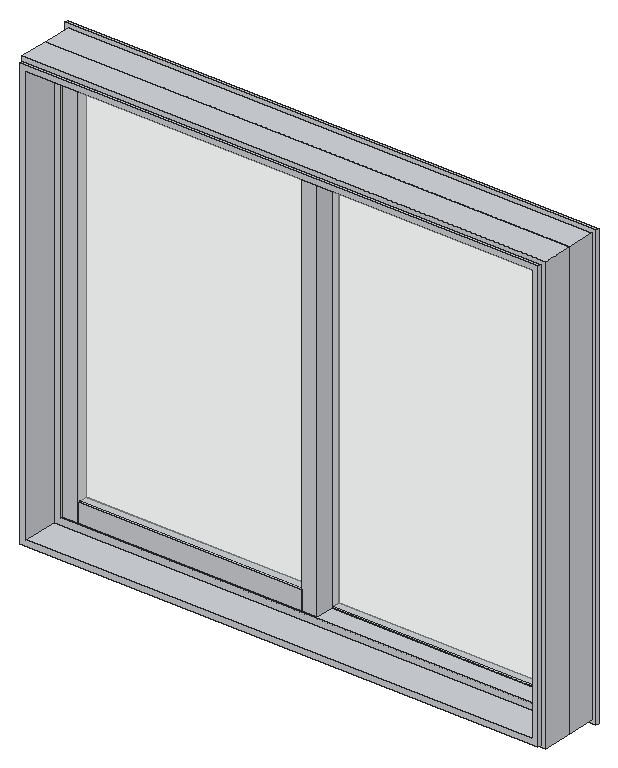
Revit family "APL Residential Thermal Heart Sliding Window SF", category Windows, host Wall, Revit 2017 (continued)
Definition of nested family "APL Residential Thermal Heart Sliding Window SF Vertical Section"
  Definition of nested family "Two Panel Head"
    Definition of nested family "65400_Frame Head"
      Lines and regions (mm)
        detail lines, in view "Ref. Level"
          curve 561: arc (8.867, 17.612, 0) -> (8.97, 17.796, 0) -> (9.14, 17.921, 0) r 0.5
          curve 562: arc (9.14, 17.921, 0) -> (10, 18.105, 0) -> (10.86, 17.921, 0) r 2.1
          curve 563: arc (10.86, 17.921, 0) -> (11.03, 17.796, 0) -> (11.133, 17.612, 0) r 0.5
          curve 564: arc (11.133, 17.612, 0) -> (11.206, 17.447, 0) -> (11.316, 17.305, 0) r 0.75
          curve 565: arc (11.316, 17.305, 0) -> (11.85, 16.005, 0) -> (11.316, 14.705, 0) r 1.85
          curve 566: arc (11.316, 14.705, 0) -> (11.323, 13.644, 0) -> (12.384, 13.651, 0) r 0.75
          curve 567: arc (12.384, 13.651, 0) -> (13.348, 15.881, 0) -> (12.551, 18.176, 0) r 3.35
          curve 568: arc (12.551, 18.176, 0) -> (12.478, 18.71, 0) -> (12.932, 19, 0) r 0.5
          curve 569: arc (13.15, 19, 0) -> (13.291, 19.059, 0) -> (13.35, 19.2, 0) r 0.2
          curve 570: arc (13.35, 19.5, 0) -> (13.204, 19.854, 0) -> (12.85, 20, 0) r 0.5
          curve 571: arc (7, 20, 0) -> (6.293, 19.707, 0) -> (6, 19, 0) r 1
          curve 572: arc (6, 6.243, 0) -> (5.772, 5.095, 0) -> (5.121, 4.121, 0) r 3
          curve 573: arc (0.879, -0.121, 0) -> (0.228, -1.095, 0) -> (0, -2.243, 0) r 3
          curve 574: arc (0, -23.8, 0) -> (0.059, -23.941, 0) -> (0.2, -24, 0) r 0.2
          curve 575: line (10.8, 2.7, 0) -> (10.8, -6.498, 0)
          curve 576: line (12.7, -8.4, 0) -> (13.1, -8.4, 0)
          curve 577: line (13.3, -8.6, 0) -> (13.3, -15.4, 0)
          curve 578: line (13.1, -15.6, 0) -> (11, -15.6, 0)
          curve 579: line (10.8, -15.8, 0) -> (10.8, -16.283, 0)
          curve 580: line (10.6, -16.483, 0) -> (1.9, -16.483, 0)
          curve 581: line (1.4, -15.983, 0) -> (1.4, -2.245, 0)
          curve 582: line (1.869, -1.111, 0) -> (6.387, 3.407, 0)
          curve 583: line (7.094, 3.7, 0) -> (9.8, 3.7, 0)
          curve 584: line (1.322, -22.936, 0) -> (1.379, -18.081, 0)
          curve 585: line (1.579, -17.883, 0) -> (10.6, -17.883, 0)
          curve 586: line (10.8, -18.083, 0) -> (10.8, -22.172, 0)
          curve 587: line (10.7, -22.345, 0) -> (9.6, -22.98, 0)
          curve 588: line (9.3, -23.5, 0) -> (9.3, -23.8, 0)
          curve 589: line (9.5, -24, 0) -> (13.617, -24, 0)
          curve 590: line (14.387, -24.268, 0) -> (15.797, -24.782, 0)
          curve 591: line (16.199, -24.474, 0) -> (15.992, -22.108, 0)
          curve 592: line (15.905, -21.922, 0) -> (15.541, -21.559, 0)
          curve 593: line (15.207, -21.648, 0) -> (15.162, -21.816, 0)
          curve 594: line (15.021, -21.957, 0) -> (12.888, -22.528, 0)
          curve 595: line (12.7, -21.753, 0) -> (12.7, -18.525, 0)
          curve 596: line (12.7, -18.5, 0) -> (12.506, -17.75, 0)
          curve 597: line (12.7, -17.5, 0) -> (13.221, -17.5, 0)
          curve 598: line (13.377, -17.544, 0) -> (14.631, -18.309, 0)
          curve 599: line (15.2, -18.45, 0) -> (15.2, -16.874, 0)
          curve 600: line (15.2, -16.874, 0) -> (15.2, -8.599, 0)
          curve 601: line (15.4, -8.4, 0) -> (16.479, -8.4, 0)
          curve 602: line (16.667, -8.132, 0) -> (15.775, -5.682, 0)
          curve 603: line (15.587, -5.55, 0) -> (15.353, -5.55, 0)
          curve 604: line (14.631, -5.691, 0) -> (13.377, -6.456, 0)
          curve 605: line (13.221, -6.5, 0) -> (12.7, -6.5, 0)
          curve 606: line (12.506, -6.25, 0) -> (12.7, -5.5, 0)
          curve 607: line (12.7, -5.475, 0) -> (12.7, -2.247, 0)
          curve 608: line (12.888, -1.472, 0) -> (15.021, -2.043, 0)
          curve 609: line (15.162, -2.184, 0) -> (15.207, -2.352, 0)
          curve 610: line (15.541, -2.441, 0) -> (15.905, -2.078, 0)
          curve 611: line (15.992, -1.892, 0) -> (16.199, 0.474, 0)
          curve 612: line (15.797, 0.782, 0) -> (14.387, 0.268, 0)
          curve 613: line (13.617, 0, 0) -> (12.6, 0, 0)
          curve 614: line (12.4, 0.2, 0) -> (12.4, 2.696, 0)
          curve 615: line (9.8, 5.3, 0) -> (7.9, 5.3, 0)
          curve 616: line (7.4, 5.8, 0) -> (7.4, 13.402, 0)
          curve 617: line (12.932, 19, 0) -> (13.15, 19, 0)
          curve 618: line (13.35, 19.2, 0) -> (13.35, 19.5, 0)
          curve 619: line (12.85, 20, 0) -> (7, 20, 0)
          curve 620: line (6, 19, 0) -> (6, 6.243, 0)
          curve 621: line (5.121, 4.121, 0) -> (0.879, -0.121, 0)
          curve 622: line (0, -2.243, 0) -> (0, -23.8, 0)
          curve 623: line (0.2, -24, 0) -> (1.214, -24, 0)
          curve 624: line (1.214, -24, 0) -> (1.665, -23.621, 0)
          curve 625: line (106.85, -41.439, 0) -> (112.6, -39.899, 0)
          curve 626: line (111.139, -40.29, 0) -> (106.85, -40.29, 0)
          curve 627: line (112.6, -39.45, 0) -> (106.85, -39.45, 0)
          curve 628: line (112.6, -38.61, 0) -> (106.85, -38.61, 0)
          curve 629: line (112.6, -37.69, 0) -> (106.85, -37.69, 0)
          curve 630: line (112.6, -36.85, 0) -> (106.85, -36.85, 0)
          curve 631: line (111.139, -36.01, 0) -> (106.85, -36.01, 0)
          curve 632: line (112.6, -36.401, 0) -> (106.85, -34.861, 0)
          curve 633: line (112.85, -41.6, 0) -> (112.85, -34.7, 0)
          curve 634: line (112.6, -34.7, 0) -> (112.6, -41.6, 0)
          curve 635: line (112.6, -41.6, 0) -> (113.1, -41.6, 0)
          curve 636: line (113.1, -41.6, 0) -> (113.1, -34.7, 0)
          curve 637: line (113.1, -34.7, 0) -> (112.6, -34.7, 0)
          curve 651: line (74.132, -41.648, 0) -> (68.382, -40.107, 0)
          curve 652: line (69.843, -40.498, 0) -> (74.132, -40.498, 0)
          curve 653: line (68.382, -39.658, 0) -> (74.132, -39.658, 0)
          curve 654: line (68.382, -38.818, 0) -> (74.132, -38.818, 0)
          curve 655: line (68.382, -37.898, 0) -> (74.132, -37.898, 0)
          curve 656: line (68.382, -37.058, 0) -> (74.132, -37.058, 0)
          curve 657: line (69.843, -36.218, 0) -> (74.132, -36.218, 0)
          curve 658: line (68.382, -36.61, 0) -> (74.132, -35.069, 0)
          curve 659: line (68.132, -41.808, 0) -> (68.132, -34.908, 0)
          curve 660: line (68.382, -34.908, 0) -> (68.382, -41.808, 0)
          curve 661: line (68.382, -41.808, 0) -> (67.882, -41.808, 0)
          curve 662: line (67.882, -41.808, 0) -> (67.882, -34.908, 0)
          curve 663: line (67.882, -34.908, 0) -> (68.382, -34.908, 0)
        detail lines, in view "Ref. Level", not visible
          curve 638: line (101.764, -41.439, 0) -> (107.514, -39.899, 0)
          curve 639: line (106.053, -40.29, 0) -> (101.764, -40.29, 0)
          curve 640: line (107.514, -39.45, 0) -> (101.764, -39.45, 0)
          curve 641: line (107.514, -38.61, 0) -> (101.764, -38.61, 0)
          curve 642: line (107.514, -37.69, 0) -> (101.764, -37.69, 0)
          curve 643: line (107.514, -36.85, 0) -> (101.764, -36.85, 0)
          curve 644: line (106.053, -36.01, 0) -> (101.764, -36.01, 0)
          curve 645: line (107.514, -36.401, 0) -> (101.764, -34.861, 0)
          curve 646: line (107.764, -41.6, 0) -> (107.764, -34.7, 0)
          curve 647: line (107.514, -34.7, 0) -> (107.514, -41.6, 0)
          curve 648: line (107.514, -41.6, 0) -> (108.014, -41.6, 0)
          curve 649: line (108.014, -41.6, 0) -> (108.014, -34.7, 0)
          curve 650: line (108.014, -34.7, 0) -> (107.514, -34.7, 0)
      Text (mm)
        text "65400" at (41.516, 17.579, 0), in view "Ref. Level"
Definition of nested family "APL Residential Thermal Heart Sliding Window SF Horizontal Section"
  Parameters (values of type "Groove")
    Liner End [instance] = 10 mm
    Liner Block = Liner : Liner
    Liner [instance] = 100 mm
    Groove [instance] = 10 mm
    Glass Length [instance] = (Box Width / 2) - 96 mm  # 154 mm
    Glass Fixed Length [instance] = (Box Width / 2) - 44 mm  # 206 mm
    Box Width [instance] = 500 mm
  Types (2, lengths in mm): name | Liner Block
    Groove | Liner : Liner
    No Groove | Liner No Groove : Liner No Groove
  Reference planes
    plane 1 "Center (Front/Back)": y = 39.446
    plane 2: z = 0
    plane 3 "Center (Left/Right)": x = -250.083
    plane 4: x = -500.083
    plane 5: x = -0.083
    plane 6: y = 150.946
    plane 7: y = 150.946
    plane 8: x = 7.417
    plane 9: y = 57.796
  Dimensions and locks
    equal spacing: plane 4, plane 3 "Center (Left/Right)", plane 5
    "Box Width": plane 4 to plane 5
    "Liner": plane 6 to nested 1
    "Liner": plane 7 to nested 2
    plane 8 to plane 5 = 7.5 mm
    nested 3 to plane 3 "Center (Left/Right)" to nested 3 = 26.59 mm locked, 25.41 mm locked
    locked: nested 7 to nested 3 at 6.324
    locked: nested 3 to nested 8 at 6
    locked: nested 9 to nested 5 at 6
    locked: nested 9 to plane 5 at 83.24
    nested 7 to plane 3 "Center (Left/Right)" to nested 8 = 13.915 mm locked, 12.408 mm locked
    locked: nested 4 to nested 6 at 6.351
    locked: nested 4 to nested 6 at 30.351
    locked: nested 1 to nested 4 at 22.397
    locked: nested 5 to nested 2 at 22.397
    locked: nested 4 to nested 4 at 43
    nested 5 to plane 9 = 5 mm
    aligned and locked: nested 2 to plane 7
    aligned and locked: plane 5 to nested 5
  Nested families
    nested 1: "Liner" at (-479.48, 150.946, 0) x (0, 1, 0) z (0, 0, 1), type <- "Liner Block", type "Liner", in view "Ref. Level", detail levels fine
      with built-in parameter 1001306 0.32808 (stored number, unit not read)
    nested 2: "Liner" at (-20.687, 150.946, 0) x (0, 1, 0) z (0, 0, 1), type <- "Liner Block", type "Liner", in view "Ref. Level", detail levels fine
      with built-in parameter 1001306 0.32808 (stored number, unit not read)
    nested 3: "Interlocker" at (-250.083, 109.946, 0), type "Interlocker", in view "Ref. Level", detail levels fine
    nested 4: "Jamb Fixed" at (-500.083, 39.446, 0), type "Jamb Fixed", in view "Ref. Level", detail levels fine
    nested 5: "Jamb Stile" at (-0.083, 39.446, 0), type "Jamb Stile", in view "Ref. Level", detail levels fine
    nested 6: "Glazing Bead" at (-469.732, 54.946, 0) x (0, 1, 0) z (0, 0, 1), Glass Lenght <- "Glass Fixed Length", type "Glazing Bead", in view "Ref. Level", detail levels fine
      with Glass Lenght 206 mm
    nested 7: "Glazing Bead" at (-263.998, 54.946, 0) x (0, 1, 0) z (0, 0, 1), Glass Lenght <- "Glass Fixed Length", type "Glazing Bead", in view "Ref. Level", detail levels fine
      with Glass Lenght 206 mm
    nested 8: "Glass" at (-237.676, 117.147, 0) x (0, 1, 0) z (0, 0, 1), Glass Lenght <- "Glass Length", type "Glass", in view "Ref. Level", detail levels fine
      with Glass Lenght 154 mm
    nested 9: "Glass" at (-83.323, 117.147, 0) x (0, 1, 0) z (0, 0, 1), Glass Lenght <- "Glass Length", type "Glass", in view "Ref. Level", detail levels fine
      with Glass Lenght 154 mm
  Definition of nested family "Liner"
    Parameters (values of type "Liner")
      Type Image = (empty or 0)
      built-in parameter 1001306 [instance] = 100 mm
      Groove [instance] = 10 mm
      End Liner [instance] = 10 mm
    Reference planes
      plane 1 "Center (Front/Back)": y = 0
      plane 2: z = 0
      plane 3 "Left": x = 0
      plane 4 "Right": x = 100
    Lines and regions (mm)
      Filled region 1, type "Brick", in view "Ref. Level"
        outline origin (0, 0, 0) x (1, 0, 0) y (0, 1, 0)
          loop
            line (0, 0) -> (120, 0) -> (120, 19) -> (110, 19) -> (110, 13.435) -> (100, 13.435) -> (100, 19) -> (0, 19) -> (0, 0)
      reference lines, in view "Ref. Level"
        curve 1: line (0, 0, 0) -> (100, 0, 0)
      detail lines, in view "Ref. Level", detail levels fine
        curve 2: line (100, 0, 0) -> (0, 0, 0)
    Dimensions and locks
      "built-in parameter 1001306": plane 3 "Left" to plane 4 "Right"
      locked: Filled region 1 to curve 2 at 19
      "Groove": plane 4 "Right" to Filled region 1
      "End Liner": Filled region 1 to Filled region 1
      aligned and locked: plane 1 "Center (Front/Back)" to curve 1
      aligned and locked: plane 3 "Left" to curve 1
      aligned and locked: plane 4 "Right" to curve 1
      aligned and locked: curve 1 to Filled region 1
      aligned and locked: plane 1 "Center (Front/Back)" to Filled region 1
      aligned and locked: Filled region 1 to plane 3 "Left"
    Automatic sketch dimensions
      curve 2 to plane 4 "Right" = 0 mm
      Filled region 1 sketch curve to plane 3 "Left" = 0 mm
      Filled region 1 sketch curve to plane 4 "Right" = 0 mm
      Filled region 1 sketch curve to Filled region 1 sketch curve = 10 mm  (x2)
      Filled region 1 sketch curve to plane 1 "Center (Front/Back)" = 0 mm
      Filled region 1 sketch curve to plane 1 "Center (Front/Back)" = 13.435 mm
      Filled region 1 sketch curve to Filled region 1 sketch curve = 5.565 mm  (x2)
      curve 2 to plane 3 "Left" = 0 mm
  Definition of nested family "Interlocker"
    Reference planes
      plane 1 "Center (Front/Back)": y = 0
      plane 2: z = 0
      plane 3 "Center (Left/Right)": x = 0
    Lines and regions (mm)
      detail lines, in view "Ref. Level"
        curve 1: arc (-27.946, -29.718, 0) -> (-28.086, -30.028, 0) -> (-27.787, -30.191, 0) r 0.25
        curve 2: arc (-17.899, -30.164, 0) -> (-17.6, -30.002, 0) -> (-17.74, -29.692, 0) r 0.25
        curve 3: line (-27.787, -30.191, 0) -> (-23.919, -29.197, 0)
        curve 4: line (-23.919, -29.197, 0) -> (-23.34, -30.2, 0)
        curve 5: line (-23.34, -30.2, 0) -> (-22.34, -30.2, 0)
        curve 6: line (-22.34, -30.2, 0) -> (-21.748, -29.175, 0)
        curve 7: line (-21.748, -29.175, 0) -> (-17.899, -30.164, 0)
        curve 8: line (-17.74, -29.692, 0) -> (-21.84, -27.968, 0)
        curve 9: line (-21.84, -27.968, 0) -> (-21.84, -26.7, 0)
        curve 10: line (-21.84, -26.7, 0) -> (-20.59, -26.7, 0)
        curve 11: line (-20.59, -26.7, 0) -> (-20.59, -25.7, 0)
        curve 12: line (-20.59, -25.7, 0) -> (-25.09, -25.7, 0)
        curve 13: line (-25.09, -25.7, 0) -> (-25.09, -26.7, 0)
        curve 14: line (-25.09, -26.7, 0) -> (-23.84, -26.7, 0)
        curve 15: line (-23.84, -26.7, 0) -> (-23.84, -27.992, 0)
        curve 16: line (-23.84, -27.992, 0) -> (-27.946, -29.718, 0)
      detail lines, in view "Ref. Level", not visible
        curve 17: arc (33.161, -9.933, 0) -> (32.851, -9.793, 0) -> (32.689, -10.092, 0) r 0.25
        curve 18: arc (32.715, -19.98, 0) -> (32.877, -20.279, 0) -> (33.188, -20.139, 0) r 0.25
        curve 19: line (32.689, -10.092, 0) -> (33.683, -13.959, 0)
        curve 20: line (33.683, -13.959, 0) -> (32.679, -14.539, 0)
        curve 21: line (32.679, -14.539, 0) -> (32.679, -15.539, 0)
        curve 22: line (32.679, -15.539, 0) -> (33.705, -16.131, 0)
        curve 23: line (33.705, -16.131, 0) -> (32.715, -19.98, 0)
        curve 24: line (33.188, -20.139, 0) -> (34.912, -16.039, 0)
        curve 25: line (34.912, -16.039, 0) -> (36.179, -16.039, 0)
        curve 26: line (36.179, -16.039, 0) -> (36.179, -17.289, 0)
        curve 27: line (36.179, -17.289, 0) -> (37.179, -17.289, 0)
        curve 28: line (37.179, -17.289, 0) -> (37.179, -12.789, 0)
        curve 29: line (37.179, -12.789, 0) -> (36.179, -12.789, 0)
        curve 30: line (36.179, -12.789, 0) -> (36.179, -14.039, 0)
        curve 31: line (36.179, -14.039, 0) -> (34.887, -14.039, 0)
        curve 32: line (34.887, -14.039, 0) -> (33.161, -9.933, 0)
    Nested families
      nested 1: "65500_Interlocker Stile" at (-26.59, -6.05, 0) x (-1, 0, 0) z (0, 0, 1), type "65500_Interlocker Stile", in view "Ref. Level"
      nested 2: "65420_Interlocker Mullion" at (25.41, -70.5, 0), type "65420_Interlocker Mullion", in view "Ref. Level"
    Definition of nested family "65500_Interlocker Stile"
      Reference planes
        plane 1 "Center (Front/Back)": y = 0
        plane 2: z = 0
        plane 3 "Center (Left/Right)": x = 0
      Lines and regions (mm)
        model lines, in view "Ref. Level"
          curve 1: arc (-13.564, 1.218, 0) -> (-13.278, 1.262, 0) -> (-13.162, 1.526, 0) r 0.3
          curve 2: arc (-13.369, 3.892, 0) -> (-13.396, 3.992, 0) -> (-13.456, 4.078, 0) r 0.3
          curve 3: arc (-13.819, 4.441, 0) -> (-14.013, 4.493, 0) -> (-14.154, 4.352, 0) r 0.2
          curve 4: arc (-14.199, 4.184, 0) -> (-14.251, 4.095, 0) -> (-14.34, 4.043, 0) r 0.2
          curve 5: arc (-16.561, 3.5, 0) -> (-16.841, 3.693, 0) -> (-16.761, 4.024, 0) r 0.3
          curve 6: arc (-16.761, 4.024, 0) -> (-16.687, 4.125, 0) -> (-16.661, 4.247, 0) r 0.3
          curve 7: arc (-16.855, 8.25, 0) -> (-16.819, 8.422, 0) -> (-16.661, 8.5, 0) r 0.2
          curve 8: arc (-16.14, 8.5, 0) -> (-16.059, 8.489, 0) -> (-15.983, 8.456, 0) r 0.3
          curve 9: arc (-14.73, 7.691, 0) -> (-14.733, 7.521, 0) -> (-14.627, 7.389, 0) r 0.25
          curve 10: arc (-14.541, 7.337, 0) -> (-14.289, 7.332, 0) -> (-14.161, 7.549, 0) r 0.25
          curve 11: arc (-14.161, 7.8, 0) -> (-14.102, 7.941, 0) -> (-13.961, 8, 0) r 0.2
          curve 12: arc (-13.688, 8, 0) -> (-13.573, 8.036, 0) -> (-13.5, 8.132, 0) r 0.2
          curve 13: arc (-13.266, 8.775, 0) -> (-13.244, 8.859, 0) -> (-13.236, 8.946, 0) r 0.5
          curve 14: arc (-13.236, 9.9, 0) -> (-13.382, 10.254, 0) -> (-13.736, 10.4, 0) r 0.5
          curve 15: arc (-24.052, 10.4, 0) -> (-24.41, 10.544, 0) -> (-24.559, 10.9, 0) r 0.5
          curve 16: arc (-24.559, 14.446, 0) -> (-24.704, 14.802, 0) -> (-25.059, 14.95, 0) r 0.5
          curve 17: arc (-27.408, 14.95, 0) -> (-27.627, 14.823, 0) -> (-27.622, 14.57, 0) r 0.25
          curve 18: arc (-27.57, 14.484, 0) -> (-27.437, 14.378, 0) -> (-27.268, 14.381, 0) r 0.25
          curve 19: arc (-26.503, 13.127, 0) -> (-26.47, 13.052, 0) -> (-26.459, 12.971, 0) r 0.3
          curve 20: arc (-26.459, 12.45, 0) -> (-26.536, 12.292, 0) -> (-26.709, 12.256, 0) r 0.2
          curve 21: arc (-30.711, 12.45, 0) -> (-30.834, 12.424, 0) -> (-30.935, 12.35, 0) r 0.3
          curve 22: arc (-30.935, 12.35, 0) -> (-31.266, 12.27, 0) -> (-31.459, 12.55, 0) r 0.3
          curve 23: arc (-30.916, 14.771, 0) -> (-30.864, 14.86, 0) -> (-30.774, 14.912, 0) r 0.2
          curve 24: arc (-30.607, 14.957, 0) -> (-30.465, 15.098, 0) -> (-30.517, 15.291, 0) r 0.2
          curve 25: arc (-30.881, 15.655, 0) -> (-30.966, 15.715, 0) -> (-31.067, 15.742, 0) r 0.3
          curve 26: arc (-33.432, 15.949, 0) -> (-33.697, 15.833, 0) -> (-33.741, 15.547, 0) r 0.3
          curve 27: arc (-33.227, 14.137, 0) -> (-33.14, 14.011, 0) -> (-33.002, 13.945, 0) r 0.3
          curve 28: arc (-33.002, 13.945, 0) -> (-32.759, 13.672, 0) -> (-32.959, 13.367, 0) r 0.3
          curve 29: arc (-32.959, 12.624, 0) -> (-33.017, 12.482, 0) -> (-33.159, 12.424, 0) r 0.2
          curve 30: arc (-35.159, 12.424, 0) -> (-35.512, 12.277, 0) -> (-35.659, 11.924, 0) r 0.5
          curve 31: arc (-35.659, 10.05, 0) -> (-35.717, 9.908, 0) -> (-35.859, 9.85, 0) r 0.2
          curve 32: arc (-45.581, 9.85, 0) -> (-45.935, 9.996, 0) -> (-46.081, 10.349, 0) r 0.499
          curve 33: arc (-46.081, 10.75, 0) -> (-45.935, 11.104, 0) -> (-45.581, 11.25, 0) r 0.5
          curve 34: arc (-44.831, 11.25, 0) -> (-44.69, 11.309, 0) -> (-44.631, 11.45, 0) r 0.2
          curve 35: arc (-44.631, 12.05, 0) -> (-44.69, 12.191, 0) -> (-44.831, 12.25, 0) r 0.2
          curve 36: arc (-47.931, 12.25, 0) -> (-48.072, 12.191, 0) -> (-48.131, 12.05, 0) r 0.2
          curve 37: arc (-48.131, 11.45, 0) -> (-48.072, 11.309, 0) -> (-47.931, 11.25, 0) r 0.2
          curve 38: arc (-47.581, 11.25, 0) -> (-47.44, 11.191, 0) -> (-47.381, 11.05, 0) r 0.2
          curve 39: arc (-47.381, 10.45, 0) -> (-47.44, 10.309, 0) -> (-47.581, 10.25, 0) r 0.2
          curve 40: arc (-47.931, 10.25, 0) -> (-48.072, 10.191, 0) -> (-48.131, 10.05, 0) r 0.2
          curve 41: arc (-48.131, 9.749, 0) -> (-48.277, 9.395, 0) -> (-48.631, 9.249, 0) r 0.5
          curve 42: arc (-49.631, 9.249, 0) -> (-49.985, 9.395, 0) -> (-50.131, 9.749, 0) r 0.5
          curve 43: arc (-50.131, 10.05, 0) -> (-50.19, 10.191, 0) -> (-50.331, 10.25, 0) r 0.2
          curve 44: arc (-50.681, 10.25, 0) -> (-50.822, 10.309, 0) -> (-50.881, 10.45, 0) r 0.2
          curve 45: arc (-50.881, 11.05, 0) -> (-50.822, 11.191, 0) -> (-50.681, 11.25, 0) r 0.2
          curve 46: arc (-50.331, 11.25, 0) -> (-50.19, 11.309, 0) -> (-50.131, 11.45, 0) r 0.2
          curve 47: arc (-50.131, 12.05, 0) -> (-50.19, 12.191, 0) -> (-50.331, 12.25, 0) r 0.2
          curve 48: arc (-51.761, 12.25, 0) -> (-51.902, 12.191, 0) -> (-51.961, 12.05, 0) r 0.2
          curve 49: arc (-52.336, 8.799, 0) -> (-52.711, 8.424, 0) -> (-52.336, 8.049, 0) r 0.375
          curve 50: arc (-33.059, 8.05, 0) -> (-32.559, 8.55, 0) -> (-33.059, 9.05, 0) r 0.5
          curve 51: arc (-33.959, 9.05, 0) -> (-34.1, 9.109, 0) -> (-34.159, 9.25, 0) r 0.2
          curve 52: arc (-34.159, 10.35, 0) -> (-34.1, 10.491, 0) -> (-33.959, 10.55, 0) r 0.2
          curve 53: arc (-26.659, 10.55, 0) -> (-26.517, 10.491, 0) -> (-26.459, 10.35, 0) r 0.2
          curve 54: arc (-26.459, 9.25, 0) -> (-26.517, 9.109, 0) -> (-26.659, 9.05, 0) r 0.2
          curve 55: arc (-27.559, 9.05, 0) -> (-28.059, 8.55, 0) -> (-27.559, 8.05, 0) r 0.5
          curve 56: arc (-19.061, 8.05, 0) -> (-18.707, 7.904, 0) -> (-18.561, 7.55, 0) r 0.5
          curve 57: arc (-18.561, 2.6, 0) -> (-18.854, 1.893, 0) -> (-19.561, 1.6, 0) r 1
          curve 58: arc (-28.809, 1.6, 0) -> (-29.609, 0.8, 0) -> (-28.809, 0, 0) r 0.8
          curve 59: arc (-17.661, 0, 0) -> (-16.954, 0.293, 0) -> (-16.661, 1, 0) r 1
          curve 60: arc (-16.661, 1.8, 0) -> (-16.602, 1.941, 0) -> (-16.461, 2, 0) r 0.2
          curve 61: arc (-15.744, 2, 0) -> (-15.438, 2.199, 0) -> (-15.166, 1.957, 0) r 0.3
          curve 62: arc (-15.166, 1.957, 0) -> (-15.1, 1.819, 0) -> (-14.974, 1.732, 0) r 0.3
          curve 63: line (-13.162, 1.526, 0) -> (-13.369, 3.892, 0)
          curve 64: line (-13.456, 4.078, 0) -> (-13.819, 4.441, 0)
          curve 65: line (-14.154, 4.352, 0) -> (-14.199, 4.184, 0)
          curve 66: line (-14.199, 4.184, 0) -> (-16.329, 3.51, 0)
          curve 67: line (-16.329, 3.51, 0) -> (-16.561, 3.5, 0)
          curve 68: line (-16.661, 4.247, 0) -> (-16.661, 7.475, 0)
          curve 69: line (-16.661, 7.475, 0) -> (-16.855, 8.25, 0)
          curve 70: line (-16.661, 8.5, 0) -> (-16.14, 8.5, 0)
          curve 71: line (-16.14, 8.5, 0) -> (-14.73, 7.691, 0)
          curve 72: line (-14.161, 7.549, 0) -> (-14.161, 7.8, 0)
          curve 73: line (-13.961, 8, 0) -> (-13.688, 8, 0)
          curve 74: line (-13.5, 8.132, 0) -> (-13.266, 8.775, 0)
          curve 75: line (-13.236, 8.946, 0) -> (-13.236, 9.9, 0)
          curve 76: line (-13.736, 10.4, 0) -> (-24.052, 10.4, 0)
          curve 77: line (-24.559, 10.9, 0) -> (-24.559, 14.446, 0)
          curve 78: line (-25.059, 14.95, 0) -> (-27.408, 14.95, 0)
          curve 79: line (-27.268, 14.381, 0) -> (-26.503, 13.127, 0)
          curve 80: line (-26.503, 13.127, 0) -> (-26.459, 12.45, 0)
          curve 81: line (-26.709, 12.256, 0) -> (-27.459, 12.45, 0)
          curve 82: line (-27.434, 12.444, 0) -> (-30.711, 12.45, 0)
          curve 83: line (-31.459, 12.704, 0) -> (-30.916, 14.771, 0)
          curve 84: line (-30.916, 14.771, 0) -> (-30.607, 14.957, 0)
          curve 85: line (-30.517, 15.291, 0) -> (-30.881, 15.655, 0)
          curve 86: line (-31.067, 15.742, 0) -> (-33.432, 15.949, 0)
          curve 87: line (-33.741, 15.547, 0) -> (-33.227, 14.137, 0)
          curve 88: line (-32.959, 13.367, 0) -> (-32.959, 12.624, 0)
          curve 89: line (-33.159, 12.424, 0) -> (-35.159, 12.424, 0)
          curve 90: line (-35.659, 11.924, 0) -> (-35.659, 10.05, 0)
          curve 91: line (-35.859, 9.85, 0) -> (-45.581, 9.85, 0)
          curve 92: line (-46.081, 10.349, 0) -> (-46.081, 10.75, 0)
          curve 93: line (-45.581, 11.25, 0) -> (-44.831, 11.25, 0)
          curve 94: line (-44.631, 11.45, 0) -> (-44.631, 12.05, 0)
          curve 95: line (-44.831, 12.25, 0) -> (-47.931, 12.25, 0)
          curve 96: line (-48.131, 12.05, 0) -> (-48.131, 11.45, 0)
          curve 97: line (-47.931, 11.25, 0) -> (-47.581, 11.25, 0)
          curve 98: line (-47.381, 11.05, 0) -> (-47.381, 10.45, 0)
          curve 99: line (-47.581, 10.25, 0) -> (-47.931, 10.25, 0)
          curve 100: line (-48.131, 10.05, 0) -> (-48.131, 9.749, 0)
          curve 101: line (-48.631, 9.249, 0) -> (-49.631, 9.249, 0)
          curve 102: line (-50.131, 9.749, 0) -> (-50.131, 10.05, 0)
          curve 103: line (-50.331, 10.25, 0) -> (-50.681, 10.25, 0)
          curve 104: line (-50.881, 10.45, 0) -> (-50.881, 11.05, 0)
          curve 105: line (-50.681, 11.25, 0) -> (-50.331, 11.25, 0)
          curve 106: line (-50.131, 11.45, 0) -> (-50.131, 12.05, 0)
          curve 107: line (-50.331, 12.25, 0) -> (-51.761, 12.25, 0)
          curve 108: line (-51.961, 12.05, 0) -> (-51.961, 8.799, 0)
          curve 109: line (-51.961, 8.799, 0) -> (-52.336, 8.799, 0)
          curve 110: line (-52.336, 8.049, 0) -> (-33.059, 8.049, 0)
          curve 111: line (-33.059, 9.05, 0) -> (-33.959, 9.05, 0)
          curve 112: line (-34.159, 9.25, 0) -> (-34.159, 10.35, 0)
          curve 113: line (-33.959, 10.55, 0) -> (-26.659, 10.55, 0)
          curve 114: line (-26.459, 10.35, 0) -> (-26.459, 9.25, 0)
          curve 115: line (-26.659, 9.05, 0) -> (-27.559, 9.05, 0)
          curve 116: line (-27.559, 8.05, 0) -> (-19.061, 8.05, 0)
          curve 117: line (-18.561, 7.55, 0) -> (-18.561, 2.6, 0)
          curve 118: line (-19.561, 1.6, 0) -> (-28.809, 1.6, 0)
          curve 119: line (-28.809, 0, 0) -> (-17.661, 0, 0)
          curve 120: line (-16.661, 1, 0) -> (-16.661, 1.8, 0)
          curve 121: line (-16.461, 2, 0) -> (-15.744, 2, 0)
          curve 122: line (-14.974, 1.732, 0) -> (-13.564, 1.218, 0)
          curve 123: arc (-31.398, 41.7, 0) -> (-31.251, 42.054, 0) -> (-30.898, 42.2, 0) r 0.5
          curve 124: arc (-2.1, 42.2, 0) -> (-1.746, 42.054, 0) -> (-1.6, 41.7, 0) r 0.5
          curve 125: arc (-1.6, 10.9, 0) -> (-1.746, 10.546, 0) -> (-2.1, 10.4, 0) r 0.5
          curve 126: arc (-4.86, 10.4, 0) -> (-5.213, 10.254, 0) -> (-5.36, 9.9, 0) r 0.5
          curve 127: arc (-5.36, 9.042, 0) -> (-5.352, 8.955, 0) -> (-5.33, 8.871, 0) r 0.5
          curve 128: arc (-5.061, 8.132, 0) -> (-4.987, 8.036, 0) -> (-4.873, 8, 0) r 0.2
          curve 129: arc (-4.6, 8, 0) -> (-4.459, 7.941, 0) -> (-4.4, 7.8, 0) r 0.2
          curve 130: arc (-4.4, 7.55, 0) -> (-4.272, 7.332, 0) -> (-4.02, 7.337, 0) r 0.25
          curve 131: arc (-3.934, 7.389, 0) -> (-3.828, 7.521, 0) -> (-3.831, 7.691, 0) r 0.25
          curve 132: arc (-2.577, 8.456, 0) -> (-2.502, 8.489, 0) -> (-2.421, 8.5, 0) r 0.3
          curve 133: arc (-1.9, 8.5, 0) -> (-1.742, 8.422, 0) -> (-1.706, 8.25, 0) r 0.2
          curve 134: arc (-1.9, 4.247, 0) -> (-1.874, 4.125, 0) -> (-1.8, 4.024, 0) r 0.3
          curve 135: arc (-1.8, 4.024, 0) -> (-1.72, 3.693, 0) -> (-2, 3.5, 0) r 0.3
          curve 136: arc (-4.221, 4.043, 0) -> (-4.31, 4.095, 0) -> (-4.362, 4.184, 0) r 0.2
          curve 137: arc (-4.407, 4.352, 0) -> (-4.548, 4.493, 0) -> (-4.741, 4.441, 0) r 0.2
          curve 138: arc (-5.105, 4.078, 0) -> (-5.165, 3.992, 0) -> (-5.192, 3.892, 0) r 0.3
          curve 139: arc (-5.399, 1.526, 0) -> (-5.283, 1.262, 0) -> (-4.997, 1.218, 0) r 0.3
          curve 140: arc (-3.587, 1.732, 0) -> (-3.461, 1.819, 0) -> (-3.395, 1.957, 0) r 0.3
          curve 141: arc (-3.395, 1.957, 0) -> (-3.122, 2.199, 0) -> (-2.817, 2, 0) r 0.3
          curve 142: arc (-2.1, 2, 0) -> (-1.959, 1.941, 0) -> (-1.9, 1.8, 0) r 0.2
          curve 143: arc (-1.9, 1, 0) -> (-1.607, 0.293, 0) -> (-0.9, 0, 0) r 1
          curve 144: arc (-0.5, 0, 0) -> (-0.146, 0.146, 0) -> (0, 0.5, 0) r 0.5
          curve 145: arc (0, 43, 0) -> (-0.293, 43.707, 0) -> (-1, 44, 0) r 1
          curve 146: arc (-52.375, 44, 0) -> (-52.75, 43.625, 0) -> (-52.375, 43.25, 0) r 0.375
          curve 147: arc (-52, 42.15, 0) -> (-51.941, 42.009, 0) -> (-51.8, 41.95, 0) r 0.2
          curve 148: arc (-50.962, 40.688, 0) -> (-50.917, 40.558, 0) -> (-50.797, 40.488, 0) r 0.2
          curve 149: arc (-48.613, 40.25, 0) -> (-48.454, 40.328, 0) -> (-48.42, 40.502, 0) r 0.2
          curve 150: arc (-48.808, 41.948, 0) -> (-48.773, 42.122, 0) -> (-48.615, 42.2, 0) r 0.2
          curve 151: arc (-33.498, 42.2, 0) -> (-33.144, 42.054, 0) -> (-32.998, 41.7, 0) r 0.5
          curve 152: arc (-32.998, 35.05, 0) -> (-32.939, 34.909, 0) -> (-32.798, 34.85, 0) r 0.2
          curve 153: arc (-26.398, 34.85, 0) -> (-26.256, 34.792, 0) -> (-26.198, 34.65, 0) r 0.2
          curve 154: arc (-26.198, 29.353, 0) -> (-26.255, 29.21, 0) -> (-26.398, 29.15, 0) r 0.2
          curve 155: arc (-32.798, 29.15, 0) -> (-32.939, 29.091, 0) -> (-32.998, 28.95, 0) r 0.2
          curve 156: arc (-32.998, 26.333, 0) -> (-32.799, 26.028, 0) -> (-33.041, 25.755, 0) r 0.3
          curve 157: arc (-33.041, 25.755, 0) -> (-33.179, 25.689, 0) -> (-33.266, 25.563, 0) r 0.3
          curve 158: arc (-33.78, 24.153, 0) -> (-33.736, 23.867, 0) -> (-33.472, 23.751, 0) r 0.3
          curve 159: arc (-31.106, 23.958, 0) -> (-31.005, 23.985, 0) -> (-30.92, 24.045, 0) r 0.3
          curve 160: arc (-30.556, 24.409, 0) -> (-30.505, 24.602, 0) -> (-30.646, 24.743, 0) r 0.2
          curve 161: arc (-30.813, 24.788, 0) -> (-30.903, 24.84, 0) -> (-30.955, 24.929, 0) r 0.2
          curve 162: arc (-31.498, 27.15, 0) -> (-31.305, 27.43, 0) -> (-30.974, 27.35, 0) r 0.3
          curve 163: arc (-30.974, 27.35, 0) -> (-30.873, 27.276, 0) -> (-30.75, 27.25, 0) r 0.3
          curve 164: arc (-26.748, 27.444, 0) -> (-26.575, 27.408, 0) -> (-26.498, 27.25, 0) r 0.2
          curve 165: arc (-26.498, 26.729, 0) -> (-26.509, 26.648, 0) -> (-26.542, 26.573, 0) r 0.3
          curve 166: arc (-27.307, 25.319, 0) -> (-27.477, 25.322, 0) -> (-27.609, 25.216, 0) r 0.25
          curve 167: arc (-27.661, 25.13, 0) -> (-27.666, 24.878, 0) -> (-27.448, 24.75, 0) r 0.25
          curve 168: arc (-25.098, 24.75, 0) -> (-24.744, 24.896, 0) -> (-24.598, 25.25, 0) r 0.5
          curve 169: arc (-24.598, 36.25, 0) -> (-24.656, 36.391, 0) -> (-24.798, 36.45, 0) r 0.2
          curve 170: line (-31.398, 36.65, 0) -> (-31.398, 41.7, 0)
          curve 171: line (-30.898, 42.2, 0) -> (-2.1, 42.2, 0)
          curve 172: line (-1.6, 41.7, 0) -> (-1.6, 10.9, 0)
          curve 173: line (-2.1, 10.4, 0) -> (-4.86, 10.4, 0)
          curve 174: line (-5.36, 9.9, 0) -> (-5.36, 9.042, 0)
          curve 175: line (-5.33, 8.871, 0) -> (-5.061, 8.132, 0)
          curve 176: line (-4.873, 8, 0) -> (-4.6, 8, 0)
          curve 177: line (-4.4, 7.8, 0) -> (-4.4, 7.55, 0)
          curve 178: line (-3.831, 7.691, 0) -> (-2.577, 8.456, 0)
          curve 179: line (-2.577, 8.456, 0) -> (-1.9, 8.5, 0)
          curve 180: line (-1.706, 8.25, 0) -> (-1.894, 7.525, 0)
          curve 181: line (-1.894, 7.525, 0) -> (-1.9, 4.247, 0)
          curve 182: line (-2.154, 3.5, 0) -> (-4.221, 4.043, 0)
          curve 183: line (-4.221, 4.043, 0) -> (-4.407, 4.352, 0)
          curve 184: line (-4.741, 4.441, 0) -> (-5.105, 4.078, 0)
          curve 185: line (-5.192, 3.892, 0) -> (-5.399, 1.526, 0)
          curve 186: line (-4.997, 1.218, 0) -> (-3.587, 1.732, 0)
          curve 187: line (-2.817, 2, 0) -> (-2.1, 2, 0)
          curve 188: line (-1.9, 1.8, 0) -> (-1.9, 1, 0)
          curve 189: line (-0.9, 0, 0) -> (-0.5, 0, 0)
          curve 190: line (0, 0.5, 0) -> (0, 43, 0)
          curve 191: line (-1, 44, 0) -> (-52.375, 44, 0)
          curve 192: line (-52.375, 43.25, 0) -> (-52, 43.25, 0)
          curve 193: line (-52, 43.25, 0) -> (-52, 42.15, 0)
          curve 194: line (-51.8, 41.95, 0) -> (-50.962, 41.95, 0)
          curve 195: line (-50.962, 41.95, 0) -> (-50.962, 40.688, 0)
          curve 196: line (-50.797, 40.488, 0) -> (-49.444, 40.25, 0)
          curve 197: line (-49.444, 40.25, 0) -> (-48.613, 40.25, 0)
          curve 198: line (-48.42, 40.502, 0) -> (-48.808, 41.948, 0)
          curve 199: line (-48.615, 42.2, 0) -> (-33.498, 42.2, 0)
          curve 200: line (-32.998, 41.7, 0) -> (-32.998, 35.05, 0)
          curve 201: line (-32.798, 34.85, 0) -> (-26.398, 34.85, 0)
          curve 202: line (-26.198, 34.65, 0) -> (-26.198, 29.353, 0)
          curve 203: line (-26.398, 29.15, 0) -> (-32.798, 29.15, 0)
          curve 204: line (-32.998, 28.95, 0) -> (-32.998, 26.333, 0)
          curve 205: line (-33.266, 25.563, 0) -> (-33.78, 24.153, 0)
          curve 206: line (-33.472, 23.751, 0) -> (-31.106, 23.958, 0)
          curve 207: line (-30.92, 24.045, 0) -> (-30.556, 24.409, 0)
          curve 208: line (-30.646, 24.743, 0) -> (-30.813, 24.788, 0)
          curve 209: line (-30.813, 24.788, 0) -> (-31.487, 26.918, 0)
          curve 210: line (-31.487, 26.918, 0) -> (-31.498, 27.15, 0)
          curve 211: line (-30.75, 27.25, 0) -> (-27.523, 27.25, 0)
          curve 212: line (-27.523, 27.25, 0) -> (-26.748, 27.444, 0)
          curve 213: line (-26.498, 27.25, 0) -> (-26.498, 26.729, 0)
          curve 214: line (-26.498, 26.729, 0) -> (-27.307, 25.319, 0)
          curve 215: line (-27.448, 24.75, 0) -> (-25.098, 24.75, 0)
          curve 216: line (-24.598, 25.25, 0) -> (-24.598, 36.25, 0)
          curve 217: line (-24.798, 36.45, 0) -> (-31.197, 36.45, 0)
          curve 218: arc (-31.197, 36.45, 0) -> (-31.339, 36.508, 0) -> (-31.398, 36.65, 0) r 0.2
          curve 219: arc (-27.398, 12.45, 0) -> (-27.115, 12.567, 0) -> (-26.998, 12.85, 0) r 0.4
          curve 220: arc (-26.998, 13.143, 0) -> (-27.011, 13.246, 0) -> (-27.052, 13.343, 0) r 0.4
          curve 221: arc (-27.936, 14.871, 0) -> (-28.057, 15.161, 0) -> (-28.098, 15.472, 0) r 1.2
          curve 222: arc (-28.098, 16.395, 0) -> (-28.279, 16.968, 0) -> (-28.756, 17.334, 0) r 1
          curve 223: arc (-30.935, 18.127, 0) -> (-31.125, 18.274, 0) -> (-31.198, 18.503, 0) r 0.4
          curve 224: arc (-31.198, 21.197, 0) -> (-31.125, 21.426, 0) -> (-30.935, 21.573, 0) r 0.4
          curve 225: arc (-28.756, 22.366, 0) -> (-28.279, 22.732, 0) -> (-28.098, 23.305, 0) r 1
          curve 226: arc (-28.098, 24.228, 0) -> (-28.057, 24.539, 0) -> (-27.936, 24.829, 0) r 1.2
          curve 227: arc (-27.052, 26.357, 0) -> (-27.011, 26.454, 0) -> (-26.998, 26.557, 0) r 0.4
          curve 228: arc (-26.998, 26.85, 0) -> (-27.115, 27.133, 0) -> (-27.398, 27.25, 0) r 0.4
          curve 229: arc (-30.798, 27.25, 0) -> (-31.081, 27.133, 0) -> (-31.198, 26.85, 0) r 0.4
          curve 230: arc (-31.198, 26.557, 0) -> (-31.184, 26.454, 0) -> (-31.144, 26.357, 0) r 0.4
          curve 231: arc (-30.259, 24.829, 0) -> (-30.138, 24.535, 0) -> (-30.098, 24.22, 0) r 1.2
          curve 232: arc (-30.098, 24.22, 0) -> (-30.151, 24.045, 0) -> (-30.295, 23.934, 0) r 0.3
          curve 233: arc (-32.735, 23.046, 0) -> (-32.925, 22.899, 0) -> (-32.998, 22.67, 0) r 0.4
          curve 234: arc (-32.998, 17.03, 0) -> (-32.925, 16.801, 0) -> (-32.735, 16.654, 0) r 0.4
          curve 235: arc (-30.295, 15.766, 0) -> (-30.151, 15.655, 0) -> (-30.098, 15.48, 0) r 0.3
          curve 236: arc (-30.098, 15.48, 0) -> (-30.138, 15.165, 0) -> (-30.259, 14.871, 0) r 1.2
          curve 237: arc (-31.144, 13.343, 0) -> (-31.184, 13.246, 0) -> (-31.198, 13.143, 0) r 0.4
          curve 238: arc (-31.198, 12.85, 0) -> (-31.081, 12.567, 0) -> (-30.798, 12.45, 0) r 0.4
          curve 239: line (-26.998, 12.85, 0) -> (-26.998, 13.143, 0)
          curve 240: line (-27.052, 13.343, 0) -> (-27.936, 14.871, 0)
          curve 241: line (-28.098, 15.472, 0) -> (-28.098, 16.395, 0)
          curve 242: line (-28.756, 17.334, 0) -> (-30.935, 18.127, 0)
          curve 243: line (-31.198, 18.503, 0) -> (-31.198, 21.197, 0)
          curve 244: line (-30.935, 21.573, 0) -> (-28.756, 22.366, 0)
          curve 245: line (-28.098, 23.305, 0) -> (-28.098, 24.228, 0)
          curve 246: line (-27.936, 24.829, 0) -> (-27.052, 26.357, 0)
          curve 247: line (-26.998, 26.557, 0) -> (-26.998, 26.85, 0)
          curve 248: line (-27.398, 27.25, 0) -> (-30.798, 27.25, 0)
          curve 249: line (-31.198, 26.85, 0) -> (-31.198, 26.557, 0)
          curve 250: line (-31.144, 26.357, 0) -> (-30.259, 24.829, 0)
          curve 251: line (-30.295, 23.934, 0) -> (-32.735, 23.046, 0)
          curve 252: line (-32.998, 22.67, 0) -> (-32.998, 17.03, 0)
          curve 253: line (-32.735, 16.654, 0) -> (-30.295, 15.766, 0)
          curve 254: line (-30.259, 14.871, 0) -> (-31.144, 13.343, 0)
          curve 255: line (-31.198, 13.143, 0) -> (-31.198, 12.85, 0)
          curve 256: line (-30.798, 12.45, 0) -> (-27.398, 12.45, 0)
          curve 257: arc (-16.7, 4.122, 0) -> (-16.583, 3.839, 0) -> (-16.3, 3.722, 0) r 0.4
          curve 258: arc (-16.007, 3.722, 0) -> (-15.904, 3.736, 0) -> (-15.807, 3.776, 0) r 0.4
          curve 259: arc (-14.279, 4.66, 0) -> (-13.989, 4.781, 0) -> (-13.678, 4.822, 0) r 1.2
          curve 260: arc (-12.755, 4.822, 0) -> (-12.182, 5.003, 0) -> (-11.816, 5.48, 0) r 1
          curve 261: arc (-11.023, 7.659, 0) -> (-10.876, 7.849, 0) -> (-10.647, 7.922, 0) r 0.4
          curve 262: arc (-7.953, 7.922, 0) -> (-7.724, 7.849, 0) -> (-7.577, 7.659, 0) r 0.4
          curve 263: arc (-6.784, 5.48, 0) -> (-6.418, 5.003, 0) -> (-5.845, 4.822, 0) r 1
          curve 264: arc (-4.922, 4.822, 0) -> (-4.611, 4.781, 0) -> (-4.321, 4.66, 0) r 1.2
          curve 265: arc (-2.793, 3.776, 0) -> (-2.696, 3.736, 0) -> (-2.593, 3.722, 0) r 0.4
          curve 266: arc (-2.3, 3.722, 0) -> (-2.017, 3.839, 0) -> (-1.9, 4.122, 0) r 0.4
          curve 267: arc (-1.9, 7.522, 0) -> (-2.017, 7.805, 0) -> (-2.3, 7.922, 0) r 0.4
          curve 268: arc (-2.593, 7.922, 0) -> (-2.696, 7.908, 0) -> (-2.793, 7.868, 0) r 0.4
          curve 269: arc (-4.321, 6.983, 0) -> (-4.615, 6.862, 0) -> (-4.93, 6.822, 0) r 1.2
          curve 270: arc (-4.93, 6.822, 0) -> (-5.105, 6.875, 0) -> (-5.216, 7.019, 0) r 0.3
          curve 271: arc (-6.104, 9.459, 0) -> (-6.251, 9.649, 0) -> (-6.48, 9.722, 0) r 0.4
          curve 272: arc (-12.12, 9.722, 0) -> (-12.349, 9.649, 0) -> (-12.496, 9.459, 0) r 0.4
          curve 273: arc (-13.384, 7.019, 0) -> (-13.495, 6.875, 0) -> (-13.67, 6.822, 0) r 0.3
          curve 274: arc (-13.67, 6.822, 0) -> (-13.985, 6.862, 0) -> (-14.279, 6.983, 0) r 1.2
          curve 275: arc (-15.807, 7.868, 0) -> (-15.904, 7.908, 0) -> (-16.007, 7.922, 0) r 0.4
          curve 276: arc (-16.3, 7.922, 0) -> (-16.583, 7.805, 0) -> (-16.7, 7.522, 0) r 0.4
          curve 277: line (-16.3, 3.722, 0) -> (-16.007, 3.722, 0)
          curve 278: line (-15.807, 3.776, 0) -> (-14.279, 4.66, 0)
          curve 279: line (-13.678, 4.822, 0) -> (-12.755, 4.822, 0)
          curve 280: line (-11.816, 5.48, 0) -> (-11.023, 7.659, 0)
          curve 281: line (-10.647, 7.922, 0) -> (-7.953, 7.922, 0)
          curve 282: line (-7.577, 7.659, 0) -> (-6.784, 5.48, 0)
          curve 283: line (-5.845, 4.822, 0) -> (-4.922, 4.822, 0)
          curve 284: line (-4.321, 4.66, 0) -> (-2.793, 3.776, 0)
          curve 285: line (-2.593, 3.722, 0) -> (-2.3, 3.722, 0)
          curve 286: line (-1.9, 4.122, 0) -> (-1.9, 7.522, 0)
          curve 287: line (-2.3, 7.922, 0) -> (-2.593, 7.922, 0)
          curve 288: line (-2.793, 7.868, 0) -> (-4.321, 6.983, 0)
          curve 289: line (-5.216, 7.019, 0) -> (-6.104, 9.459, 0)
          curve 290: line (-6.48, 9.722, 0) -> (-12.12, 9.722, 0)
          curve 291: line (-12.496, 9.459, 0) -> (-13.384, 7.019, 0)
          curve 292: line (-14.279, 6.983, 0) -> (-15.807, 7.868, 0)
          curve 293: line (-16.007, 7.922, 0) -> (-16.3, 7.922, 0)
          curve 294: line (-16.7, 7.522, 0) -> (-16.7, 4.122, 0)
      Text (mm)
        text "65500" at (-34.845, 58.95, 0), in view "Ref. Level"
    Definition of nested family "65420_Interlocker Mullion"
      Reference planes
        plane 1 "Center (Front/Back)": y = 0
        plane 2: z = 0
        plane 3 "Center (Left/Right)": x = 0
      Lines and regions (mm)
        model lines, in view "Ref. Level"
          curve 1: arc (-24.6, 25.5, 0) -> (-24.746, 25.146, 0) -> (-25.1, 25, 0) r 0.5
          curve 2: arc (-27.45, 25, 0) -> (-27.668, 25.128, 0) -> (-27.663, 25.38, 0) r 0.25
          curve 3: arc (-27.611, 25.466, 0) -> (-27.479, 25.572, 0) -> (-27.309, 25.569, 0) r 0.25
          curve 4: arc (-26.544, 26.823, 0) -> (-26.511, 26.898, 0) -> (-26.5, 26.979, 0) r 0.3
          curve 5: arc (-26.5, 27.5, 0) -> (-26.578, 27.658, 0) -> (-26.75, 27.694, 0) r 0.2
          curve 6: arc (-30.753, 27.5, 0) -> (-30.875, 27.526, 0) -> (-30.976, 27.6, 0) r 0.3
          curve 7: arc (-30.976, 27.6, 0) -> (-31.307, 27.68, 0) -> (-31.5, 27.4, 0) r 0.3
          curve 8: arc (-30.957, 25.179, 0) -> (-30.905, 25.09, 0) -> (-30.816, 25.038, 0) r 0.2
          curve 9: arc (-30.648, 24.993, 0) -> (-30.507, 24.852, 0) -> (-30.559, 24.659, 0) r 0.2
          curve 10: arc (-30.922, 24.295, 0) -> (-31.008, 24.235, 0) -> (-31.108, 24.208, 0) r 0.3
          curve 11: arc (-33.474, 24.001, 0) -> (-33.738, 24.117, 0) -> (-33.782, 24.403, 0) r 0.3
          curve 12: arc (-33.268, 25.813, 0) -> (-33.181, 25.939, 0) -> (-33.043, 26.005, 0) r 0.3
          curve 13: arc (-33.043, 26.005, 0) -> (-32.801, 26.278, 0) -> (-33, 26.583, 0) r 0.3
          curve 14: arc (-33, 44.4, 0) -> (-33.059, 44.541, 0) -> (-33.2, 44.6, 0) r 0.2
          curve 15: arc (-44.5, 43.5, 0) -> (-44.793, 42.793, 0) -> (-45.5, 42.5, 0) r 1
          curve 16: arc (-46.25, 42.5, 0) -> (-46.749, 43, 0) -> (-46.25, 43.5, 0) r 0.5
          curve 17: arc (-50.25, 43.5, 0) -> (-49.749, 43, 0) -> (-50.25, 42.5, 0) r 0.5
          curve 18: arc (-51.8, 42.5, 0) -> (-51.941, 42.559, 0) -> (-52, 42.7, 0) r 0.2
          curve 19: arc (-52, 61.948, 0) -> (-51.854, 62.303, 0) -> (-51.5, 62.45, 0) r 0.5
          curve 20: arc (-49.183, 62.45, 0) -> (-48.878, 62.251, 0) -> (-48.605, 62.493, 0) r 0.3
          curve 21: arc (-48.605, 62.493, 0) -> (-48.539, 62.631, 0) -> (-48.413, 62.718, 0) r 0.3
          curve 22: arc (-47.003, 63.232, 0) -> (-46.717, 63.188, 0) -> (-46.601, 62.924, 0) r 0.3
          curve 23: arc (-46.808, 60.558, 0) -> (-46.835, 60.458, 0) -> (-46.895, 60.372, 0) r 0.3
          curve 24: arc (-47.259, 60.009, 0) -> (-47.452, 59.957, 0) -> (-47.593, 60.098, 0) r 0.2
          curve 25: arc (-47.638, 60.266, 0) -> (-47.69, 60.355, 0) -> (-47.779, 60.407, 0) r 0.2
          curve 26: arc (-50, 60.95, 0) -> (-50.28, 60.757, 0) -> (-50.2, 60.426, 0) r 0.3
          curve 27: arc (-50.2, 60.426, 0) -> (-50.126, 60.325, 0) -> (-50.1, 60.203, 0) r 0.3
          curve 28: arc (-50.294, 56.2, 0) -> (-50.258, 56.028, 0) -> (-50.1, 55.95, 0) r 0.2
          curve 29: arc (-49.579, 55.95, 0) -> (-49.498, 55.961, 0) -> (-49.423, 55.994, 0) r 0.3
          curve 30: arc (-48.169, 56.759, 0) -> (-48.172, 56.929, 0) -> (-48.066, 57.061, 0) r 0.25
          curve 31: arc (-47.98, 57.113, 0) -> (-47.728, 57.118, 0) -> (-47.6, 56.9, 0) r 0.25
          curve 32: arc (-47.6, 54.875, 0) -> (-47.626, 54.778, 0) -> (-47.696, 54.705, 0) r 0.2
          curve 33: arc (-50.261, 53.139, 0) -> (-50.436, 52.957, 0) -> (-50.5, 52.712, 0) r 0.5
          curve 34: arc (-50.5, 47, 0) -> (-50.354, 46.646, 0) -> (-50, 46.5, 0) r 0.5
          curve 35: arc (-45.5, 46.5, 0) -> (-44.986, 46.409, 0) -> (-44.533, 46.147, 0) r 1.5
          curve 36: arc (-33.2, 46.1, 0) -> (-31.998, 45.602, 0) -> (-31.5, 44.4, 0) r 1.7
          curve 37: line (-24.6, 27.5, 0) -> (-24.6, 25.5, 0)
          curve 38: line (-25.1, 25, 0) -> (-27.45, 25, 0)
          curve 39: line (-27.309, 25.569, 0) -> (-26.544, 26.823, 0)
          curve 40: line (-26.544, 26.823, 0) -> (-26.5, 27.5, 0)
          curve 41: line (-26.75, 27.694, 0) -> (-27.5, 27.5, 0)
          curve 42: line (-27.475, 27.506, 0) -> (-30.753, 27.5, 0)
          curve 43: line (-31.5, 27.246, 0) -> (-30.957, 25.179, 0)
          curve 44: line (-30.957, 25.179, 0) -> (-30.648, 24.993, 0)
          curve 45: line (-30.559, 24.659, 0) -> (-30.922, 24.295, 0)
          curve 46: line (-31.108, 24.208, 0) -> (-33.474, 24.001, 0)
          curve 47: line (-33.782, 24.403, 0) -> (-33.268, 25.813, 0)
          curve 48: line (-33, 26.583, 0) -> (-33, 33.5, 0)
          curve 49: line (-33, 33.5, 0) -> (-32.6, 33.9, 0)
          curve 50: line (-32.6, 33.9, 0) -> (-33, 34.3, 0)
          curve 51: line (-33, 34.3, 0) -> (-33, 44.4, 0)
          curve 52: line (-33.2, 44.6, 0) -> (-44.5, 44.6, 0)
          curve 53: line (-44.5, 44.6, 0) -> (-44.5, 43.5, 0)
          curve 54: line (-45.5, 42.5, 0) -> (-46.25, 42.5, 0)
          curve 55: line (-46.25, 43.5, 0) -> (-45.5, 43.5, 0)
          curve 56: line (-45.5, 43.5, 0) -> (-45.5, 45, 0)
          curve 57: line (-45.5, 45, 0) -> (-51, 45, 0)
          curve 58: line (-51, 45, 0) -> (-51, 43.5, 0)
          curve 59: line (-51, 43.5, 0) -> (-50.25, 43.5, 0)
          curve 60: line (-50.25, 42.5, 0) -> (-51.8, 42.5, 0)
          curve 61: line (-52, 42.7, 0) -> (-52, 61.948, 0)
          curve 62: line (-51.5, 62.45, 0) -> (-49.183, 62.45, 0)
          curve 63: line (-48.413, 62.718, 0) -> (-47.003, 63.232, 0)
          curve 64: line (-46.601, 62.924, 0) -> (-46.808, 60.558, 0)
          curve 65: line (-46.895, 60.372, 0) -> (-47.259, 60.009, 0)
          curve 66: line (-47.593, 60.098, 0) -> (-47.638, 60.266, 0)
          curve 67: line (-47.638, 60.266, 0) -> (-49.768, 60.94, 0)
          curve 68: line (-49.768, 60.94, 0) -> (-50, 60.95, 0)
          curve 69: line (-50.1, 60.203, 0) -> (-50.1, 56.975, 0)
          curve 70: line (-50.1, 56.975, 0) -> (-50.294, 56.2, 0)
          curve 71: line (-50.1, 55.95, 0) -> (-49.579, 55.95, 0)
          curve 72: line (-49.579, 55.95, 0) -> (-48.169, 56.759, 0)
          curve 73: line (-47.6, 56.9, 0) -> (-47.6, 54.875, 0)
          curve 74: line (-47.696, 54.705, 0) -> (-50.261, 53.139, 0)
          curve 75: line (-50.5, 52.712, 0) -> (-50.5, 47, 0)
          curve 76: line (-50, 46.5, 0) -> (-45.5, 46.5, 0)
          curve 77: line (-44.405, 46.1, 0) -> (-33.2, 46.1, 0)
          curve 78: line (-31.5, 44.4, 0) -> (-31.5, 37.486, 0)
          curve 79: arc (-31.5, 37.486, 0) -> (-31.229, 37.041, 0) -> (-30.71, 37.078, 0) r 0.5
          curve 80: arc (-30.71, 37.078, 0) -> (-28.151, 37.789, 0) -> (-25.73, 36.695, 0) r 3.9
          curve 81: arc (-25.73, 36.695, 0) -> (-25.713, 35.422, 0) -> (-26.985, 35.405, 0) r 0.9
          curve 82: arc (-26.985, 35.405, 0) -> (-28.45, 36, 0) -> (-29.915, 35.405, 0) r 2.1
          curve 83: arc (-29.915, 35.405, 0) -> (-30.077, 35.28, 0) -> (-30.264, 35.194, 0) r 0.9
          curve 84: arc (-30.264, 35.194, 0) -> (-30.436, 35.097, 0) -> (-30.557, 34.94, 0) r 0.5
          curve 85: arc (-30.557, 34.94, 0) -> (-30.8, 33.9, 0) -> (-30.557, 32.86, 0) r 2.35
          curve 86: arc (-30.557, 32.86, 0) -> (-30.436, 32.703, 0) -> (-30.264, 32.606, 0) r 0.5
          curve 87: arc (-30.264, 32.606, 0) -> (-30.077, 32.52, 0) -> (-29.915, 32.395, 0) r 0.9
          curve 88: arc (-29.915, 32.395, 0) -> (-28.45, 31.8, 0) -> (-26.985, 32.395, 0) r 2.1
          curve 89: arc (-26.985, 32.395, 0) -> (-25.713, 32.378, 0) -> (-25.73, 31.105, 0) r 0.9
          curve 90: arc (-25.73, 31.105, 0) -> (-26.113, 30.778, 0) -> (-26.534, 30.503, 0) r 3.9
          curve 91: arc (-26.534, 30.503, 0) -> (-26.781, 29.979, 0) -> (-26.368, 29.574, 0) r 0.5
          curve 92: arc (-26.368, 29.574, 0) -> (-25.102, 28.862, 0) -> (-24.6, 27.5, 0) r 2.1
          curve 93: arc (-35.3, 56.85, 0) -> (-35.417, 56.567, 0) -> (-35.7, 56.45, 0) r 0.4
          curve 94: arc (-35.993, 56.45, 0) -> (-36.096, 56.464, 0) -> (-36.193, 56.504, 0) r 0.4
          curve 95: arc (-37.721, 57.389, 0) -> (-38.011, 57.509, 0) -> (-38.322, 57.55, 0) r 1.2
          curve 96: arc (-39.245, 57.55, 0) -> (-39.818, 57.731, 0) -> (-40.184, 58.208, 0) r 1
          curve 97: arc (-40.977, 60.387, 0) -> (-41.124, 60.578, 0) -> (-41.353, 60.65, 0) r 0.4
          curve 98: arc (-44.047, 60.65, 0) -> (-44.276, 60.578, 0) -> (-44.423, 60.387, 0) r 0.4
          curve 99: arc (-45.216, 58.208, 0) -> (-45.582, 57.731, 0) -> (-46.155, 57.55, 0) r 1
          curve 100: arc (-47.078, 57.55, 0) -> (-47.389, 57.509, 0) -> (-47.679, 57.389, 0) r 1.2
          curve 101: arc (-49.207, 56.504, 0) -> (-49.304, 56.464, 0) -> (-49.407, 56.45, 0) r 0.4
          curve 102: arc (-49.7, 56.45, 0) -> (-49.983, 56.567, 0) -> (-50.1, 56.85, 0) r 0.4
          curve 103: arc (-50.1, 60.25, 0) -> (-49.983, 60.533, 0) -> (-49.7, 60.65, 0) r 0.4
          curve 104: arc (-49.407, 60.65, 0) -> (-49.304, 60.636, 0) -> (-49.207, 60.596, 0) r 0.4
          curve 105: arc (-47.679, 59.711, 0) -> (-47.385, 59.59, 0) -> (-47.07, 59.55, 0) r 1.2
          curve 106: arc (-47.07, 59.55, 0) -> (-46.895, 59.603, 0) -> (-46.784, 59.747, 0) r 0.3
          curve 107: arc (-45.896, 62.187, 0) -> (-45.749, 62.378, 0) -> (-45.52, 62.45, 0) r 0.4
          curve 108: arc (-39.88, 62.45, 0) -> (-39.651, 62.378, 0) -> (-39.504, 62.187, 0) r 0.4
          curve 109: arc (-38.616, 59.747, 0) -> (-38.505, 59.603, 0) -> (-38.33, 59.55, 0) r 0.3
          curve 110: arc (-38.33, 59.55, 0) -> (-38.015, 59.59, 0) -> (-37.721, 59.711, 0) r 1.2
          curve 111: arc (-36.193, 60.596, 0) -> (-36.096, 60.636, 0) -> (-35.993, 60.65, 0) r 0.4
          curve 112: arc (-35.7, 60.65, 0) -> (-35.417, 60.533, 0) -> (-35.3, 60.25, 0) r 0.4
          curve 113: line (-35.7, 56.45, 0) -> (-35.993, 56.45, 0)
          curve 114: line (-36.193, 56.504, 0) -> (-37.721, 57.389, 0)
          curve 115: line (-38.322, 57.55, 0) -> (-39.245, 57.55, 0)
          curve 116: line (-40.184, 58.208, 0) -> (-40.977, 60.387, 0)
          curve 117: line (-41.353, 60.65, 0) -> (-44.047, 60.65, 0)
          curve 118: line (-44.423, 60.387, 0) -> (-45.216, 58.208, 0)
          curve 119: line (-46.155, 57.55, 0) -> (-47.078, 57.55, 0)
          curve 120: line (-47.679, 57.389, 0) -> (-49.207, 56.504, 0)
          curve 121: line (-49.407, 56.45, 0) -> (-49.7, 56.45, 0)
          curve 122: line (-50.1, 56.85, 0) -> (-50.1, 60.25, 0)
          curve 123: line (-49.7, 60.65, 0) -> (-49.407, 60.65, 0)
          curve 124: line (-49.207, 60.596, 0) -> (-47.679, 59.711, 0)
          curve 125: line (-46.784, 59.747, 0) -> (-45.896, 62.187, 0)
          curve 126: line (-45.52, 62.45, 0) -> (-39.88, 62.45, 0)
          curve 127: line (-39.504, 62.187, 0) -> (-38.616, 59.747, 0)
          curve 128: line (-37.721, 59.711, 0) -> (-36.193, 60.596, 0)
          curve 129: line (-35.993, 60.65, 0) -> (-35.7, 60.65, 0)
          curve 130: line (-35.3, 60.25, 0) -> (-35.3, 56.85, 0)
          curve 131: arc (-27.4, 27.5, 0) -> (-27.117, 27.383, 0) -> (-27, 27.1, 0) r 0.4
          curve 132: arc (-27, 26.807, 0) -> (-27.014, 26.704, 0) -> (-27.054, 26.607, 0) r 0.4
          curve 133: arc (-27.939, 25.079, 0) -> (-28.059, 24.789, 0) -> (-28.1, 24.478, 0) r 1.2
          curve 134: arc (-28.1, 23.555, 0) -> (-28.281, 22.982, 0) -> (-28.758, 22.616, 0) r 1
          curve 135: arc (-30.937, 21.823, 0) -> (-31.128, 21.676, 0) -> (-31.2, 21.447, 0) r 0.4
          curve 136: arc (-31.2, 18.753, 0) -> (-31.128, 18.524, 0) -> (-30.937, 18.377, 0) r 0.4
          curve 137: arc (-28.758, 17.584, 0) -> (-28.281, 17.218, 0) -> (-28.1, 16.645, 0) r 1
          curve 138: arc (-28.1, 15.722, 0) -> (-28.059, 15.411, 0) -> (-27.939, 15.121, 0) r 1.2
          curve 139: arc (-27.054, 13.593, 0) -> (-27.014, 13.496, 0) -> (-27, 13.393, 0) r 0.4
          curve 140: arc (-27, 13.1, 0) -> (-27.117, 12.817, 0) -> (-27.4, 12.7, 0) r 0.4
          curve 141: arc (-30.8, 12.7, 0) -> (-31.083, 12.817, 0) -> (-31.2, 13.1, 0) r 0.4
          curve 142: arc (-31.2, 13.393, 0) -> (-31.186, 13.496, 0) -> (-31.146, 13.593, 0) r 0.4
          curve 143: arc (-30.261, 15.121, 0) -> (-30.14, 15.415, 0) -> (-30.1, 15.73, 0) r 1.2
          curve 144: arc (-30.1, 15.73, 0) -> (-30.153, 15.905, 0) -> (-30.297, 16.016, 0) r 0.3
          curve 145: arc (-32.737, 16.904, 0) -> (-32.928, 17.051, 0) -> (-33, 17.28, 0) r 0.4
          curve 146: arc (-33, 22.92, 0) -> (-32.928, 23.149, 0) -> (-32.737, 23.296, 0) r 0.4
          curve 147: arc (-30.297, 24.184, 0) -> (-30.153, 24.295, 0) -> (-30.1, 24.47, 0) r 0.3
          curve 148: arc (-30.1, 24.47, 0) -> (-30.14, 24.785, 0) -> (-30.261, 25.079, 0) r 1.2
          curve 149: arc (-31.146, 26.607, 0) -> (-31.186, 26.704, 0) -> (-31.2, 26.807, 0) r 0.4
          curve 150: arc (-31.2, 27.1, 0) -> (-31.083, 27.383, 0) -> (-30.8, 27.5, 0) r 0.4
          curve 151: line (-27, 27.1, 0) -> (-27, 26.807, 0)
          curve 152: line (-27.054, 26.607, 0) -> (-27.939, 25.079, 0)
          curve 153: line (-28.1, 24.478, 0) -> (-28.1, 23.555, 0)
          curve 154: line (-28.758, 22.616, 0) -> (-30.937, 21.823, 0)
          curve 155: line (-31.2, 21.447, 0) -> (-31.2, 18.753, 0)
          curve 156: line (-30.937, 18.377, 0) -> (-28.758, 17.584, 0)
